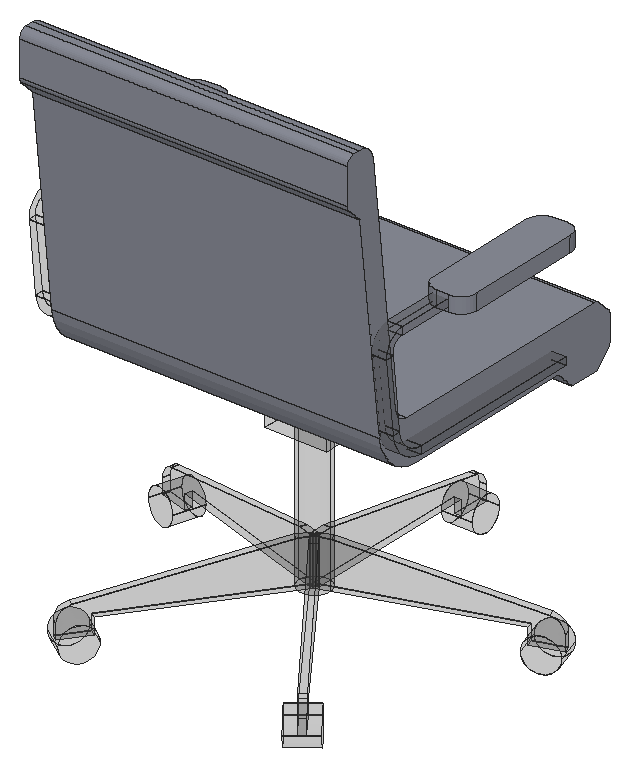
Revit family
Parameters (values of type "의자-작업(팔걸이)")
  베이스 재료 = 플라스틱 - 검은색
  캐스터 재료 = 플라스틱 - 검은색
  좌석/뒷면 재료 = 직물 - 슬레이트 파란색
  높이 [instance] = 0.00 mm
  Assembly Code = ""
Reference planes
  plane 1 "중심(앞/뒤)": y = 18.946
  plane 2: z = 0
  plane 3 "중심(왼쪽/오른쪽)": x = 140.991
  plane 4: x = 458.491
  plane 5: x = -176.509
  plane 6: y = -323.954
  plane 7: y = 361.846
  plane 8: z = 889
  plane 9 "좌석": z = 457.2
  plane 10: y = -247.754
  plane 11: z = 863.6
  plane 12: y = 285.646
  plane 13: y = 260.246
  plane 14: z = 431.8
  plane 15: y = -222.354
  plane 16: z = 787.4
  plane 17: z = 355.6
  plane 18: x = 191.791
  plane 19: x = 90.191
  plane 20: x = 420.391
  plane 21: x = -138.409
  plane 22: z = 609.6
  plane 23: z = 609.6
Forms (mm)
  Extrusion 1, solid, material "직물 - 슬레이트 파란색" <- "좌석/뒷면 재료"
    sketch origin (-176.509, 0, 0) x (0, -1, 0) y (0, 0, 1)
      loop
        arc (-255.01, 457.2) -> (-259.851, 456.241) -> (-263.96, 453.51) r 12.7
        line (-263.96, 453.51) -> (-281.896, 435.694)
        arc (-281.896, 435.694) -> (-284.671, 431.563) -> (-285.646, 426.684) r 12.7
        line (-285.646, 426.684) -> (-285.646, 391.641)
        arc (-285.646, 391.641) -> (-283.729, 381.96) -> (-278.266, 373.74) r 25.4
        line (-278.266, 373.74) -> (-260.247, 355.6) -> (-209.447, 355.6) -> (-181.074, 383.784) -> (107.109, 383.784)
        arc (107.109, 383.784) -> (157.745, 403.041) -> (182.787, 451.08) r 76.2
        line (182.787, 451.08) -> (222.354, 787.4) -> (244.034, 809.08)
        arc (244.034, 809.08) -> (246.787, 813.2) -> (247.754, 818.061) r 12.7
        line (247.754, 818.061) -> (247.754, 876.3)
        arc (247.754, 876.3) -> (244.034, 885.28) -> (235.054, 889) r 12.7
        line (235.054, 889) -> (222.179, 889)
        arc (222.179, 889) -> (205.3, 882.581) -> (196.953, 866.568) r 25.4
        line (196.953, 866.568) -> (151.431, 479.632)
        arc (151.431, 479.632) -> (143.084, 463.619) -> (126.205, 457.2) r 25.4
        line (126.205, 457.2) -> (-255.01, 457.2)
    from -50.8 to -584.2
  Extrusion 2, solid, material "플라스틱 - 검은색" <- "베이스 재료"
    sketch origin (191.791, 0, 0) x (0, -1, 0) y (0, 0, 1)
      loop
        line (19.154, 383.784) -> (-69.746, 383.784) -> (-69.746, 371.084) -> (-18.946, 283.095) -> (19.154, 283.095) -> (19.154, 383.784)
    from 0 to 101.6
  Extrusion 3, solid, material "플라스틱 - 검은색" <- "베이스 재료"
    sketch origin (140.991, 0, 0) x (0, 1, 0) y (0, 0, 1)
      loop
        line (18.946, 53.584) -> (311.046, 53.584) -> (311.046, 28.184) -> (361.846, 28.184) -> (361.846, 52.487)
        arc (361.846, 52.487) -> (355.903, 68.813) -> (340.857, 77.501) r 25.4
        line (340.857, 77.501) -> (44.346, 129.784) -> (18.946, 129.784) -> (18.946, 53.584)
    from 6.35 to -6.35
  Extrusion 4, solid, material "플라스틱 - 검은색" <- "캐스터 재료"
    sketch origin (140.991, 0, 0) x (0, 1, 0) y (0, 0, 1)
      loop
        circle (336.446, 28.184) r 28.2
    from 25.4 to -25.4
  Extrusion 5, solid, material "플라스틱 - 검은색" <- "베이스 재료"
    sketch origin (159.009, 13.091, 0) x (-0.951057, 0.309017, 0) y (0, 0, 1)
      loop
        line (18.946, 53.584) -> (311.046, 53.584) -> (311.046, 28.184) -> (361.846, 28.184) -> (361.846, 52.487)
        arc (361.846, 52.487) -> (355.903, 68.813) -> (340.857, 77.501) r 25.4
        line (340.857, 77.501) -> (44.346, 129.784) -> (18.946, 129.784) -> (18.946, 53.584)
    from 6.35 to -6.35
  Extrusion 6, solid, material "플라스틱 - 검은색" <- "캐스터 재료"
    sketch origin (159.009, 13.091, 0) x (-0.951057, 0.309017, 0) y (0, 0, 1)
      loop
        circle (336.446, 28.184) r 28.2
    from 25.4 to -25.4
  Extrusion 7, solid, material "플라스틱 - 검은색" <- "베이스 재료"
    sketch origin (152.127, 34.273, 0) x (-0.587785, -0.809017, 0) y (0, 0, 1)
      loop
        line (18.946, 53.584) -> (311.046, 53.584) -> (311.046, 28.184) -> (361.846, 28.184) -> (361.846, 52.487)
        arc (361.846, 52.487) -> (355.903, 68.813) -> (340.857, 77.501) r 25.4
        line (340.857, 77.501) -> (44.346, 129.784) -> (18.946, 129.784) -> (18.946, 53.584)
    from 6.35 to -6.35
  Extrusion 8, solid, material "플라스틱 - 검은색" <- "캐스터 재료"
    sketch origin (152.127, 34.273, 0) x (-0.587785, -0.809017, 0) y (0, 0, 1)
      loop
        circle (336.446, 28.184) r 28.2
    from 25.4 to -25.4
  Extrusion 9, solid, material "플라스틱 - 검은색" <- "베이스 재료"
    sketch origin (129.855, 34.273, 0) x (0.587785, -0.809017, 0) y (0, 0, 1)
      loop
        line (18.946, 53.584) -> (311.046, 53.584) -> (311.046, 28.184) -> (361.846, 28.184) -> (361.846, 52.487)
        arc (361.846, 52.487) -> (355.903, 68.813) -> (340.857, 77.501) r 25.4
        line (340.857, 77.501) -> (44.346, 129.784) -> (18.946, 129.784) -> (18.946, 53.584)
    from 6.35 to -6.35
  Extrusion 10, solid, material "플라스틱 - 검은색" <- "캐스터 재료"
    sketch origin (129.855, 34.273, 0) x (0.587785, -0.809017, 0) y (0, 0, 1)
      loop
        circle (336.446, 28.184) r 28.2
    from 25.4 to -25.4
  Extrusion 11, solid, material "플라스틱 - 검은색" <- "베이스 재료"
    sketch origin (122.972, 13.091, 0) x (0.951057, 0.309017, 0) y (0, 0, 1)
      loop
        line (18.946, 53.584) -> (311.046, 53.584) -> (311.046, 28.184) -> (361.846, 28.184) -> (361.846, 52.487)
        arc (361.846, 52.487) -> (355.903, 68.813) -> (340.857, 77.501) r 25.4
        line (340.857, 77.501) -> (44.346, 129.784) -> (18.946, 129.784) -> (18.946, 53.584)
    from 6.35 to -6.35
  Extrusion 12, solid, material "플라스틱 - 검은색" <- "캐스터 재료"
    sketch origin (122.972, 13.091, 0) x (0.951057, 0.309017, 0) y (0, 0, 1)
      loop
        circle (336.446, 28.184) r 28.2
    from 25.4 to -25.4
  Extrusion 13, solid, material "플라스틱 - 검은색" <- "베이스 재료"
    sketch origin (0, 0, 0) x (1, 0, 0) y (0, 1, 0)
      loop
        circle (140.991, 18.946) r 25.4
    from 53.584 to 384.175
  Sweep 14, solid, material "플라스틱 - 검은색" <- "베이스 재료"
    path origin (420.391, 0, 0) x (0, -1, 0) y (0, 0, 1)
      loop
        line (-167.032, 419.1) -> (128.329, 419.1)
        arc (128.329, 419.1) -> (162.087, 431.938) -> (178.781, 463.964) r 50.8
        line (178.781, 463.964) -> (192.578, 581.232)
        arc (192.578, 581.232) -> (186.332, 601.079) -> (167.352, 609.6) r 25.4
        line (167.352, 609.6) -> (-18.946, 609.6)
    profile origin (420.391, 19.351, 0) x (0, 0, 1) y (-1, 0, 0)
      loop
        line (425.45, 12.7) -> (412.75, 12.7) -> (412.75, -12.7) -> (425.45, -12.7) -> (425.45, 12.7)
  Sweep 15, solid, material "플라스틱 - 검은색" <- "베이스 재료"
    path origin (-138.409, 0, 0) x (0, -1, 0) y (0, 0, 1)
      loop
        line (-167.032, 419.1) -> (126.239, 419.1)
        arc (126.239, 419.1) -> (159.996, 431.938) -> (176.691, 463.964) r 50.8
        line (176.691, 463.964) -> (190.487, 581.232)
        arc (190.487, 581.232) -> (184.242, 601.079) -> (165.261, 609.6) r 25.4
        line (165.261, 609.6) -> (-18.946, 609.6)
    profile origin (-138.409, 20.397, 0) x (0, 0, 1) y (-1, 0, 0)
      loop
        line (412.75, -12.7) -> (425.45, -12.7) -> (425.45, 12.7) -> (412.75, 12.7) -> (412.75, -12.7)
  Extrusion 16, solid, material "직물 - 슬레이트 파란색" <- "좌석/뒷면 재료"
    sketch origin (407.691, 167.032, 425.45) x (0, -1, 0) y (1, 0, 0)
      loop
        line (241.235, 6.35) -> (241.235, 25.4)
        arc (241.235, 25.4) -> (233.795, 43.361) -> (215.835, 50.8) r 25.4
        line (215.835, 50.8) -> (25.4, 50.8)
        arc (25.4, 50.8) -> (7.439, 43.361) -> (0, 25.4) r 25.4
        line (0, 25.4) -> (0, 6.35)
        arc (0, 6.35) -> (7.439, -11.611) -> (25.4, -19.05) r 25.4
        line (25.4, -19.05) -> (215.835, -19.05)
        arc (215.835, -19.05) -> (233.795, -11.611) -> (241.235, 6.35) r 25.4
      loop
        line (240.19, -558.8) -> (240.19, -539.75)
        arc (240.19, -539.75) -> (232.75, -521.789) -> (214.79, -514.35) r 25.4
        line (214.79, -514.35) -> (25.4, -514.35)
        arc (25.4, -514.35) -> (7.439, -521.789) -> (0, -539.75) r 25.4
        line (0, -539.75) -> (0, -558.8)
        arc (0, -558.8) -> (7.439, -576.761) -> (25.4, -584.2) r 25.4
        line (25.4, -584.2) -> (214.79, -584.2)
        arc (214.79, -584.2) -> (232.75, -576.761) -> (240.19, -558.8) r 25.4
    from 171.45 to 196.85
Lines and regions (mm)
  Masking region 1
    outline origin (0, 0, 457.2) x (0, -1, 0) y (1, 0, 0)
      loop
        line (-286.896, -132.059) -> (-168.214, -132.059) -> (-168.214, -151.084)
        arc (-168.214, -151.084) -> (-160.549, -169.591) -> (-142.042, -177.256) r 26.172
        line (-142.042, -177.256) -> (49.214, -177.256)
        arc (49.214, -177.256) -> (68.214, -169.386) -> (76.084, -150.387) r 26.869
        line (76.084, -150.387) -> (76.084, -132.059) -> (218.634, -132.059)
        arc (218.634, -132.059) -> (236.595, -124.62) -> (244.034, -106.659) r 25.4
        line (244.034, -106.659) -> (244.034, 388.641)
        arc (244.034, 388.641) -> (236.595, 406.601) -> (218.634, 414.041) r 25.4
        line (218.634, 414.041) -> (77.12, 414.041) -> (77.12, 432.371)
        arc (77.12, 432.371) -> (69.251, 451.367) -> (50.255, 459.235) r 26.864
        line (50.255, 459.235) -> (-142.04, 459.235)
        arc (-142.04, 459.235) -> (-160.544, 451.571) -> (-168.208, 433.067) r 26.168
        line (-168.208, 433.067) -> (-168.208, 414.041) -> (-286.896, 414.041) -> (-286.896, -132.059)
  symbolic lines
    curve 1: line (-100.309, -247.754, 457.2) -> (382.291, -247.754, 457.2)
    curve 2: line (-125.709, -222.354, 457.2) -> (-125.709, -177.005, 457.2)
    curve 3: line (-74.909, -126.205, 457.2) -> (356.891, -126.205, 457.2)
    curve 4: line (407.691, -222.354, 457.2) -> (407.691, -177.005, 457.2)
    curve 5: arc (-74.909, -126.205, 457.2) -> (-110.83, -141.084, 457.2) -> (-125.709, -177.005, 457.2) r 50.8
    curve 6: arc (356.891, -126.205, 457.2) -> (392.812, -141.084, 457.2) -> (407.691, -177.005, 457.2) r 50.8
    curve 7: arc (-125.709, -222.354, 457.2) -> (-118.27, -240.315, 457.2) -> (-100.309, -247.754, 457.2) r 25.4
    curve 8: arc (407.691, -222.354, 457.2) -> (400.251, -240.315, 457.2) -> (382.291, -247.754, 457.2) r 25.4
    curve 9: line (-132.059, 286.896, 457.2) -> (414.041, 286.896, 457.2)
    curve 10: line (-132.059, -76.084, 457.2) -> (-132.059, -218.634, 457.2)
    curve 11: line (-106.659, -244.034, 457.2) -> (388.641, -244.034, 457.2)
    curve 12: line (414.041, -77.12, 457.2) -> (414.041, -218.634, 457.2)
    curve 13: arc (-132.059, -218.634, 457.2) -> (-124.62, -236.595, 457.2) -> (-106.659, -244.034, 457.2) r 25.4
    curve 14: arc (414.041, -218.634, 457.2) -> (406.601, -236.595, 457.2) -> (388.641, -244.034, 457.2) r 25.4
    curve 15: line (-99.763, -43.787, 457.2) -> (-99.763, 135.918, 457.2)
    curve 16: line (-177.256, 142.042, 457.2) -> (-177.256, -49.214, 457.2)
    curve 17: line (-132.059, 168.214, 457.2) -> (-151.084, 168.214, 457.2)
    curve 18: arc (-151.084, 168.214, 457.2) -> (-169.591, 160.549, 457.2) -> (-177.256, 142.042, 457.2) r 26.172
    curve 19: arc (-99.763, 135.918, 457.2) -> (-109.222, 158.755, 457.2) -> (-132.059, 168.214, 457.2) r 32.296
    curve 20: arc (-177.256, -49.214, 457.2) -> (-169.386, -68.214, 457.2) -> (-150.387, -76.084, 457.2) r 26.869
    curve 21: arc (-132.059, -76.084, 457.2) -> (-109.222, -66.624, 457.2) -> (-99.763, -43.787, 457.2) r 32.296
    curve 22: line (-150.387, -76.084, 457.2) -> (-132.059, -76.084, 457.2)
    curve 23: line (381.757, 135.924, 457.2) -> (381.757, -44.836, 457.2)
    curve 24: arc (414.041, 168.208, 457.2) -> (391.213, 158.752, 457.2) -> (381.757, 135.924, 457.2) r 32.284
    curve 25: line (433.067, 168.208, 457.2) -> (414.041, 168.208, 457.2)
    curve 26: arc (433.067, 168.208, 457.2) -> (451.571, 160.544, 457.2) -> (459.235, 142.04, 457.2) r 26.168
    curve 27: line (459.235, -50.255, 457.2) -> (459.235, 142.04, 457.2)
    curve 28: arc (432.371, -77.12, 457.2) -> (451.367, -69.251, 457.2) -> (459.235, -50.255, 457.2) r 26.864
    curve 29: line (414.041, -77.12, 457.2) -> (432.371, -77.12, 457.2)
    curve 30: arc (414.041, -77.12, 457.2) -> (391.213, -67.664, 457.2) -> (381.757, -44.836, 457.2) r 32.284
    curve 31: line (-132.059, 286.896, 457.2) -> (-132.059, 168.214, 457.2)
    curve 32: line (414.041, 286.896, 457.2) -> (414.041, 168.208, 457.2)
Dimensions and locks
  equal spacing: plane 5, plane 3 "중심(왼쪽/오른쪽)", plane 4
  plane 5 to plane 4 = 635.00 mm
  equal spacing: plane 6, plane 1 "중심(앞/뒤)", plane 7
  plane 6 to plane 7 = 685.80 mm
  "높이": level to plane 2
Automatic sketch dimensions
  plane 20 to curve 32 = 6.35 mm
  plane 7 to curve 32 = 74.95 mm
  curve 31 to plane 21 = 6.35 mm
  curve 9 to curve 31 = 118.682 mm
  curve 9 to curve 32 = 118.688 mm
  curve 17 to curve 18 = 26.172 mm
  curve 26 to plane 4 = 0.744 mm
  curve 26 to curve 24 = 6.116 mm
  plane 1 "중심(앞/뒤)" to curve 15 = 62.733 mm
  plane 20 to curve 30 = 6.35 mm
  plane 1 "중심(앞/뒤)" to curve 30 = 63.782 mm
  plane 5 to curve 20 = 0.747 mm
  curve 21 to curve 20 = 5.427 mm
  curve 30 to curve 28 = 5.419 mm
  curve 21 to curve 21 = 32.296 mm
  curve 28 to plane 20 = 11.98 mm
  curve 21 to curve 3 = 50.121 mm
  curve 6 to curve 4 = 50.80 mm
  curve 4 to curve 14 = 41.629 mm
  curve 2 to curve 13 = 41.629 mm
  curve 13 to curve 7 = 3.72 mm
  curve 14 to curve 8 = 3.72 mm
  curve 7 to curve 13 = 21.68 mm
  curve 8 to curve 11 = 21.68 mm
  curve 11 to curve 7 = 3.72 mm
  curve 13 to plane 21 = 6.35 mm
  curve 13 to curve 7 = 6.35 mm
  curve 1 to curve 14 = 6.35 mm
  Masking region 1 sketch curve to plane 21 = 6.35 mm  (x2)
  plane 7 to Masking region 1 sketch curve = 74.95 mm
  Masking region 1 sketch curve to Masking region 1 sketch curve = 118.682 mm
  plane 20 to Masking region 1 sketch curve = 6.35 mm  (x2)
  Masking region 1 sketch curve to Masking region 1 sketch curve = 118.688 mm
  plane 21 to Masking region 1 sketch curve = 12.675 mm
  Masking region 1 sketch curve to plane 20 = 12.676 mm
  plane 5 to Masking region 1 sketch curve = 0.747 mm
  plane 1 "중심(앞/뒤)" to Masking region 1 sketch curve = 68.16 mm
  Masking region 1 sketch curve to plane 4 = 0.744 mm
  plane 1 "중심(앞/뒤)" to Masking region 1 sketch curve = 69.201 mm
  plane 21 to Masking region 1 sketch curve = 11.978 mm
  Masking region 1 sketch curve to plane 20 = 11.98 mm
  Masking region 1 sketch curve to plane 6 = 105.32 mm
  Masking region 1 sketch curve to Masking region 1 sketch curve = 25.40 mm
  plane 20 to Masking region 1 sketch curve = 31.75 mm
